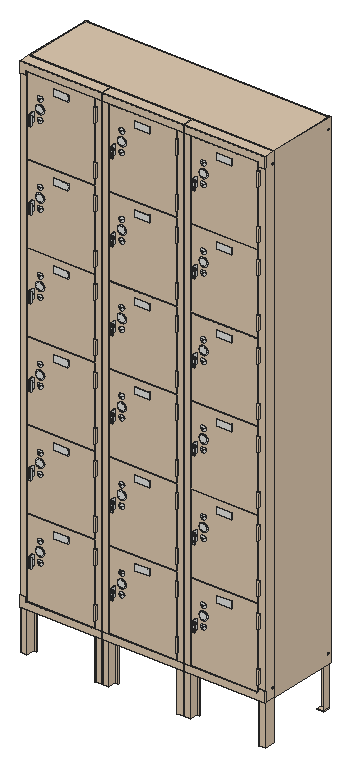
Revit family "Metal_Vented_Lockers-Salsbury_Industries-75000_76000_Series-3_Wide_Units", category Specialty Equipment, Revit 2024 (continued)
Definition of nested family "Metal Locker Sloping Hood"
  Automatic sketch dimensions
    curve 2 to plane 9 "Back of Panel" = 0.000"
    plane 11 to curve 2 = 0.000"
    curve 2 to plane 11 = 0.000"
    curve 2 to level = 0.0069"
Definition of nested family "Vents"
  Parameters (values of type "6 foot high vents")
    Vent Count for 6' high Lockers = 36
    Default Elevation = 0.000"
  Types (3): name | Vent Count for 6' high Lockers
    (no name) | 36
    6 foot high vents | 36
    5 foot high vents | 29
  Reference planes (in)
    plane 1 "Center (Front/Back)": y = 0
    plane 2: z = 0
    plane 3 "Center (Left/Right)": x = 0
  Lines and regions (in)
    model lines
      curve 1: spline (-0.12218, 0, 66.35929) -> (-0.10447, 0, 66.33016) -> (-0.08514, 0, 66.30573) -> (-0.06447, 0, 66.28637) -> (-0.04279, 0, 66.27239) -> (-0.02043, 0, 66.26399) -> (0.00227, 0, 66.26132) -> (0.02496, 0, 66.2644) -> (0.04728, 0, 66.27319) -> (0.0689, 0, 66.28755) -> (0.08949, 0, 66.30727) -> (0.10872, 0, 66.33205) -> (0.1263, 0, 66.36149)
      curve 2: line (-0.12218, 0, 66.35929) -> (-0.3738, 0, 67.01138)
      curve 3: line (0.1263, 0, 66.36149) -> (0.37669, 0, 67.01065)
      curve 4: spline (-0.12232, 0, 67.66311) -> (-0.1046, 0, 67.6924) -> (-0.08525, 0, 67.71698) -> (-0.06455, 0, 67.73644) -> (-0.04284, 0, 67.7505) -> (-0.02044, 0, 67.75894) -> (0.00229, 0, 67.76163) -> (0.02501, 0, 67.75853) -> (0.04737, 0, 67.74968) -> (0.06902, 0, 67.73522) -> (0.08963, 0, 67.71538) -> (0.10888, 0, 67.69045) -> (0.12647, 0, 67.66083)
      curve 5: line (-0.12232, 0, 67.66311) -> (-0.3738, 0, 67.01138)
      curve 6: line (0.12647, 0, 67.66083) -> (0.37669, 0, 67.01065)
      curve 7: spline (-0.12218, 0, 64.62229) -> (-0.10447, 0, 64.59316) -> (-0.08514, 0, 64.56873) -> (-0.06447, 0, 64.54937) -> (-0.04279, 0, 64.53539) -> (-0.02043, 0, 64.52699) -> (0.00227, 0, 64.52432) -> (0.02496, 0, 64.5274) -> (0.04728, 0, 64.53619) -> (0.0689, 0, 64.55055) -> (0.08949, 0, 64.57027) -> (0.10872, 0, 64.59505) -> (0.1263, 0, 64.62449)
      curve 8: line (-0.12218, 0, 64.62229) -> (-0.3738, 0, 65.27438)
      curve 9: line (0.1263, 0, 64.62449) -> (0.37669, 0, 65.27365)
      curve 10: spline (-0.12232, 0, 65.92611) -> (-0.1046, 0, 65.9554) -> (-0.08525, 0, 65.97998) -> (-0.06455, 0, 65.99944) -> (-0.04284, 0, 66.0135) -> (-0.02044, 0, 66.02194) -> (0.00229, 0, 66.02463) -> (0.02501, 0, 66.02153) -> (0.04737, 0, 66.01268) -> (0.06902, 0, 65.99822) -> (0.08963, 0, 65.97838) -> (0.10888, 0, 65.95345) -> (0.12647, 0, 65.92383)
      curve 11: line (-0.12232, 0, 65.92611) -> (-0.3738, 0, 65.27438)
      curve 12: line (0.12647, 0, 65.92383) -> (0.37669, 0, 65.27365)
      curve 13: spline (-0.12218, 0, 62.88529) -> (-0.10447, 0, 62.85616) -> (-0.08514, 0, 62.83173) -> (-0.06447, 0, 62.81237) -> (-0.04279, 0, 62.79839) -> (-0.02043, 0, 62.78999) -> (0.00227, 0, 62.78732) -> (0.02496, 0, 62.7904) -> (0.04728, 0, 62.79919) -> (0.0689, 0, 62.81355) -> (0.08949, 0, 62.83327) -> (0.10872, 0, 62.85805) -> (0.1263, 0, 62.88749)
      curve 14: line (-0.12218, 0, 62.88529) -> (-0.3738, 0, 63.53738)
      curve 15: line (0.1263, 0, 62.88749) -> (0.37669, 0, 63.53665)
      curve 16: spline (-0.12232, 0, 64.18911) -> (-0.1046, 0, 64.2184) -> (-0.08525, 0, 64.24298) -> (-0.06455, 0, 64.26244) -> (-0.04284, 0, 64.2765) -> (-0.02044, 0, 64.28494) -> (0.00229, 0, 64.28763) -> (0.02501, 0, 64.28453) -> (0.04737, 0, 64.27568) -> (0.06902, 0, 64.26122) -> (0.08963, 0, 64.24138) -> (0.10888, 0, 64.21645) -> (0.12647, 0, 64.18683)
      curve 17: line (-0.12232, 0, 64.18911) -> (-0.3738, 0, 63.53738)
      curve 18: line (0.12647, 0, 64.18683) -> (0.37669, 0, 63.53665)
      curve 19: spline (-0.12218, 0, 61.14829) -> (-0.10447, 0, 61.11916) -> (-0.08514, 0, 61.09473) -> (-0.06447, 0, 61.07537) -> (-0.04279, 0, 61.06139) -> (-0.02043, 0, 61.05299) -> (0.00227, 0, 61.05032) -> (0.02496, 0, 61.0534) -> (0.04728, 0, 61.06219) -> (0.0689, 0, 61.07655) -> (0.08949, 0, 61.09627) -> (0.10872, 0, 61.12105) -> (0.1263, 0, 61.15049)
      curve 20: line (-0.12218, 0, 61.14829) -> (-0.3738, 0, 61.80038)
      curve 21: line (0.1263, 0, 61.15049) -> (0.37669, 0, 61.79965)
      curve 22: spline (-0.12232, 0, 62.45211) -> (-0.1046, 0, 62.4814) -> (-0.08525, 0, 62.50598) -> (-0.06455, 0, 62.52544) -> (-0.04284, 0, 62.5395) -> (-0.02044, 0, 62.54794) -> (0.00229, 0, 62.55063) -> (0.02501, 0, 62.54753) -> (0.04737, 0, 62.53868) -> (0.06902, 0, 62.52422) -> (0.08963, 0, 62.50438) -> (0.10888, 0, 62.47945) -> (0.12647, 0, 62.44983)
      curve 23: line (-0.12232, 0, 62.45211) -> (-0.3738, 0, 61.80038)
      curve 24: line (0.12647, 0, 62.44983) -> (0.37669, 0, 61.79965)
      curve 25: spline (-0.12218, 0, 59.41129) -> (-0.10447, 0, 59.38216) -> (-0.08514, 0, 59.35773) -> (-0.06447, 0, 59.33837) -> (-0.04279, 0, 59.32439) -> (-0.02043, 0, 59.31599) -> (0.00227, 0, 59.31332) -> (0.02496, 0, 59.3164) -> (0.04728, 0, 59.32519) -> (0.0689, 0, 59.33955) -> (0.08949, 0, 59.35927) -> (0.10872, 0, 59.38405) -> (0.1263, 0, 59.41349)
      curve 26: line (-0.12218, 0, 59.41129) -> (-0.3738, 0, 60.06338)
      curve 27: line (0.1263, 0, 59.41349) -> (0.37669, 0, 60.06265)
      curve 28: spline (-0.12232, 0, 60.71511) -> (-0.1046, 0, 60.7444) -> (-0.08525, 0, 60.76898) -> (-0.06455, 0, 60.78844) -> (-0.04284, 0, 60.8025) -> (-0.02044, 0, 60.81094) -> (0.00229, 0, 60.81363) -> (0.02501, 0, 60.81053) -> (0.04737, 0, 60.80168) -> (0.06902, 0, 60.78722) -> (0.08963, 0, 60.76738) -> (0.10888, 0, 60.74245) -> (0.12647, 0, 60.71283)
      curve 29: line (-0.12232, 0, 60.71511) -> (-0.3738, 0, 60.06338)
      curve 30: line (0.12647, 0, 60.71283) -> (0.37669, 0, 60.06265)
      curve 31: spline (-0.12218, 0, 57.67429) -> (-0.10447, 0, 57.64516) -> (-0.08514, 0, 57.62073) -> (-0.06447, 0, 57.60137) -> (-0.04279, 0, 57.58739) -> (-0.02043, 0, 57.57899) -> (0.00227, 0, 57.57632) -> (0.02496, 0, 57.5794) -> (0.04728, 0, 57.58819) -> (0.0689, 0, 57.60255) -> (0.08949, 0, 57.62227) -> (0.10872, 0, 57.64705) -> (0.1263, 0, 57.67649)
      curve 32: line (-0.12218, 0, 57.67429) -> (-0.3738, 0, 58.32638)
      curve 33: line (0.1263, 0, 57.67649) -> (0.37669, 0, 58.32565)
      curve 34: spline (-0.12232, 0, 58.97811) -> (-0.1046, 0, 59.0074) -> (-0.08525, 0, 59.03198) -> (-0.06455, 0, 59.05144) -> (-0.04284, 0, 59.0655) -> (-0.02044, 0, 59.07394) -> (0.00229, 0, 59.07663) -> (0.02501, 0, 59.07353) -> (0.04737, 0, 59.06468) -> (0.06902, 0, 59.05022) -> (0.08963, 0, 59.03038) -> (0.10888, 0, 59.00545) -> (0.12647, 0, 58.97583)
      curve 35: line (-0.12232, 0, 58.97811) -> (-0.3738, 0, 58.32638)
      curve 36: line (0.12647, 0, 58.97583) -> (0.37669, 0, 58.32565)
      curve 37: spline (-0.12218, 0, 55.93729) -> (-0.10447, 0, 55.90816) -> (-0.08514, 0, 55.88373) -> (-0.06447, 0, 55.86437) -> (-0.04279, 0, 55.85039) -> (-0.02043, 0, 55.84199) -> (0.00227, 0, 55.83932) -> (0.02496, 0, 55.8424) -> (0.04728, 0, 55.85119) -> (0.0689, 0, 55.86555) -> (0.08949, 0, 55.88527) -> (0.10872, 0, 55.91005) -> (0.1263, 0, 55.93949)
      curve 38: line (-0.12218, 0, 55.93729) -> (-0.3738, 0, 56.58938)
      curve 39: line (0.1263, 0, 55.93949) -> (0.37669, 0, 56.58865)
      curve 40: spline (-0.12232, 0, 57.24111) -> (-0.1046, 0, 57.2704) -> (-0.08525, 0, 57.29498) -> (-0.06455, 0, 57.31444) -> (-0.04284, 0, 57.3285) -> (-0.02044, 0, 57.33694) -> (0.00229, 0, 57.33963) -> (0.02501, 0, 57.33653) -> (0.04737, 0, 57.32768) -> (0.06902, 0, 57.31322) -> (0.08963, 0, 57.29338) -> (0.10888, 0, 57.26845) -> (0.12647, 0, 57.23883)
      curve 41: line (-0.12232, 0, 57.24111) -> (-0.3738, 0, 56.58938)
      curve 42: line (0.12647, 0, 57.23883) -> (0.37669, 0, 56.58865)
      curve 43: spline (-0.12218, 0, 54.20029) -> (-0.10447, 0, 54.17116) -> (-0.08514, 0, 54.14673) -> (-0.06447, 0, 54.12737) -> (-0.04279, 0, 54.11339) -> (-0.02043, 0, 54.10499) -> (0.00227, 0, 54.10232) -> (0.02496, 0, 54.1054) -> (0.04728, 0, 54.11419) -> (0.0689, 0, 54.12855) -> (0.08949, 0, 54.14827) -> (0.10872, 0, 54.17305) -> (0.1263, 0, 54.20249)
      curve 44: line (-0.12218, 0, 54.20029) -> (-0.3738, 0, 54.85238)
      curve 45: line (0.1263, 0, 54.20249) -> (0.37669, 0, 54.85165)
      curve 46: spline (-0.12232, 0, 55.50411) -> (-0.1046, 0, 55.5334) -> (-0.08525, 0, 55.55798) -> (-0.06455, 0, 55.57744) -> (-0.04284, 0, 55.5915) -> (-0.02044, 0, 55.59994) -> (0.00229, 0, 55.60263) -> (0.02501, 0, 55.59953) -> (0.04737, 0, 55.59068) -> (0.06902, 0, 55.57622) -> (0.08963, 0, 55.55638) -> (0.10888, 0, 55.53145) -> (0.12647, 0, 55.50183)
      curve 47: line (-0.12232, 0, 55.50411) -> (-0.3738, 0, 54.85238)
      curve 48: line (0.12647, 0, 55.50183) -> (0.37669, 0, 54.85165)
      curve 49: spline (-0.12218, 0, 52.46329) -> (-0.10447, 0, 52.43416) -> (-0.08514, 0, 52.40973) -> (-0.06447, 0, 52.39037) -> (-0.04279, 0, 52.37639) -> (-0.02043, 0, 52.36799) -> (0.00227, 0, 52.36532) -> (0.02496, 0, 52.3684) -> (0.04728, 0, 52.37719) -> (0.0689, 0, 52.39155) -> (0.08949, 0, 52.41127) -> (0.10872, 0, 52.43605) -> (0.1263, 0, 52.46549)
      curve 50: line (-0.12218, 0, 52.46329) -> (-0.3738, 0, 53.11538)
      curve 51: line (0.1263, 0, 52.46549) -> (0.37669, 0, 53.11465)
      curve 52: spline (-0.12232, 0, 53.76711) -> (-0.1046, 0, 53.7964) -> (-0.08525, 0, 53.82098) -> (-0.06455, 0, 53.84044) -> (-0.04284, 0, 53.8545) -> (-0.02044, 0, 53.86294) -> (0.00229, 0, 53.86563) -> (0.02501, 0, 53.86253) -> (0.04737, 0, 53.85368) -> (0.06902, 0, 53.83922) -> (0.08963, 0, 53.81938) -> (0.10888, 0, 53.79445) -> (0.12647, 0, 53.76483)
      curve 53: line (-0.12232, 0, 53.76711) -> (-0.3738, 0, 53.11538)
      curve 54: line (0.12647, 0, 53.76483) -> (0.37669, 0, 53.11465)
      curve 55: spline (-0.12218, 0, 50.72629) -> (-0.10447, 0, 50.69716) -> (-0.08514, 0, 50.67273) -> (-0.06447, 0, 50.65337) -> (-0.04279, 0, 50.63939) -> (-0.02043, 0, 50.63099) -> (0.00227, 0, 50.62832) -> (0.02496, 0, 50.6314) -> (0.04728, 0, 50.64019) -> (0.0689, 0, 50.65455) -> (0.08949, 0, 50.67427) -> (0.10872, 0, 50.69905) -> (0.1263, 0, 50.72849)
      curve 56: line (-0.12218, 0, 50.72629) -> (-0.3738, 0, 51.37838)
      curve 57: line (0.1263, 0, 50.72849) -> (0.37669, 0, 51.37765)
      curve 58: spline (-0.12232, 0, 52.03011) -> (-0.1046, 0, 52.0594) -> (-0.08525, 0, 52.08398) -> (-0.06455, 0, 52.10344) -> (-0.04284, 0, 52.1175) -> (-0.02044, 0, 52.12594) -> (0.00229, 0, 52.12863) -> (0.02501, 0, 52.12553) -> (0.04737, 0, 52.11668) -> (0.06902, 0, 52.10222) -> (0.08963, 0, 52.08238) -> (0.10888, 0, 52.05745) -> (0.12647, 0, 52.02783)
      curve 59: line (-0.12232, 0, 52.03011) -> (-0.3738, 0, 51.37838)
      curve 60: line (0.12647, 0, 52.02783) -> (0.37669, 0, 51.37765)
      curve 61: spline (-0.12218, 0, 48.98929) -> (-0.10447, 0, 48.96016) -> (-0.08514, 0, 48.93573) -> (-0.06447, 0, 48.91637) -> (-0.04279, 0, 48.90239) -> (-0.02043, 0, 48.89399) -> (0.00227, 0, 48.89132) -> (0.02496, 0, 48.8944) -> (0.04728, 0, 48.90319) -> (0.0689, 0, 48.91755) -> (0.08949, 0, 48.93727) -> (0.10872, 0, 48.96205) -> (0.1263, 0, 48.99149)
      curve 62: line (-0.12218, 0, 48.98929) -> (-0.3738, 0, 49.64138)
      curve 63: line (0.1263, 0, 48.99149) -> (0.37669, 0, 49.64065)
      curve 64: spline (-0.12232, 0, 50.29311) -> (-0.1046, 0, 50.3224) -> (-0.08525, 0, 50.34698) -> (-0.06455, 0, 50.36644) -> (-0.04284, 0, 50.3805) -> (-0.02044, 0, 50.38894) -> (0.00229, 0, 50.39163) -> (0.02501, 0, 50.38853) -> (0.04737, 0, 50.37968) -> (0.06902, 0, 50.36522) -> (0.08963, 0, 50.34538) -> (0.10888, 0, 50.32045) -> (0.12647, 0, 50.29083)
      curve 65: line (-0.12232, 0, 50.29311) -> (-0.3738, 0, 49.64138)
      curve 66: line (0.12647, 0, 50.29083) -> (0.37669, 0, 49.64065)
      curve 67: spline (-0.12218, 0, 47.25229) -> (-0.10447, 0, 47.22316) -> (-0.08514, 0, 47.19873) -> (-0.06447, 0, 47.17937) -> (-0.04279, 0, 47.16539) -> (-0.02043, 0, 47.15699) -> (0.00227, 0, 47.15432) -> (0.02496, 0, 47.1574) -> (0.04728, 0, 47.16619) -> (0.0689, 0, 47.18055) -> (0.08949, 0, 47.20027) -> (0.10872, 0, 47.22505) -> (0.1263, 0, 47.25449)
      curve 68: line (-0.12218, 0, 47.25229) -> (-0.3738, 0, 47.90438)
      curve 69: line (0.1263, 0, 47.25449) -> (0.37669, 0, 47.90365)
      curve 70: spline (-0.12232, 0, 48.55611) -> (-0.1046, 0, 48.5854) -> (-0.08525, 0, 48.60998) -> (-0.06455, 0, 48.62944) -> (-0.04284, 0, 48.6435) -> (-0.02044, 0, 48.65194) -> (0.00229, 0, 48.65463) -> (0.02501, 0, 48.65153) -> (0.04737, 0, 48.64268) -> (0.06902, 0, 48.62822) -> (0.08963, 0, 48.60838) -> (0.10888, 0, 48.58345) -> (0.12647, 0, 48.55383)
      curve 71: line (-0.12232, 0, 48.55611) -> (-0.3738, 0, 47.90438)
      curve 72: line (0.12647, 0, 48.55383) -> (0.37669, 0, 47.90365)
      curve 73: spline (-0.12218, 0, 45.51529) -> (-0.10447, 0, 45.48616) -> (-0.08514, 0, 45.46173) -> (-0.06447, 0, 45.44237) -> (-0.04279, 0, 45.42839) -> (-0.02043, 0, 45.41999) -> (0.00227, 0, 45.41732) -> (0.02496, 0, 45.4204) -> (0.04728, 0, 45.42919) -> (0.0689, 0, 45.44355) -> (0.08949, 0, 45.46327) -> (0.10872, 0, 45.48805) -> (0.1263, 0, 45.51749)
      curve 74: line (-0.12218, 0, 45.51529) -> (-0.3738, 0, 46.16738)
      curve 75: line (0.1263, 0, 45.51749) -> (0.37669, 0, 46.16665)
      curve 76: spline (-0.12232, 0, 46.81911) -> (-0.1046, 0, 46.8484) -> (-0.08525, 0, 46.87298) -> (-0.06455, 0, 46.89244) -> (-0.04284, 0, 46.9065) -> (-0.02044, 0, 46.91494) -> (0.00229, 0, 46.91763) -> (0.02501, 0, 46.91453) -> (0.04737, 0, 46.90568) -> (0.06902, 0, 46.89122) -> (0.08963, 0, 46.87138) -> (0.10888, 0, 46.84645) -> (0.12647, 0, 46.81683)
      curve 77: line (-0.12232, 0, 46.81911) -> (-0.3738, 0, 46.16738)
      curve 78: line (0.12647, 0, 46.81683) -> (0.37669, 0, 46.16665)
      curve 79: spline (-0.12218, 0, 43.77829) -> (-0.10447, 0, 43.74916) -> (-0.08514, 0, 43.72473) -> (-0.06447, 0, 43.70537) -> (-0.04279, 0, 43.69139) -> (-0.02043, 0, 43.68299) -> (0.00227, 0, 43.68032) -> (0.02496, 0, 43.6834) -> (0.04728, 0, 43.69219) -> (0.0689, 0, 43.70655) -> (0.08949, 0, 43.72627) -> (0.10872, 0, 43.75105) -> (0.1263, 0, 43.78049)
      curve 80: line (-0.12218, 0, 43.77829) -> (-0.3738, 0, 44.43038)
      curve 81: line (0.1263, 0, 43.78049) -> (0.37669, 0, 44.42965)
      curve 82: spline (-0.12232, 0, 45.08211) -> (-0.1046, 0, 45.1114) -> (-0.08525, 0, 45.13598) -> (-0.06455, 0, 45.15544) -> (-0.04284, 0, 45.1695) -> (-0.02044, 0, 45.17794) -> (0.00229, 0, 45.18063) -> (0.02501, 0, 45.17753) -> (0.04737, 0, 45.16868) -> (0.06902, 0, 45.15422) -> (0.08963, 0, 45.13438) -> (0.10888, 0, 45.10945) -> (0.12647, 0, 45.07983)
      curve 83: line (-0.12232, 0, 45.08211) -> (-0.3738, 0, 44.43038)
      curve 84: line (0.12647, 0, 45.07983) -> (0.37669, 0, 44.42965)
      curve 85: spline (-0.12218, 0, 42.04129) -> (-0.10447, 0, 42.01216) -> (-0.08514, 0, 41.98773) -> (-0.06447, 0, 41.96837) -> (-0.04279, 0, 41.95439) -> (-0.02043, 0, 41.94599) -> (0.00227, 0, 41.94332) -> (0.02496, 0, 41.9464) -> (0.04728, 0, 41.95519) -> (0.0689, 0, 41.96955) -> (0.08949, 0, 41.98927) -> (0.10872, 0, 42.01405) -> (0.1263, 0, 42.04349)
      curve 86: line (-0.12218, 0, 42.04129) -> (-0.3738, 0, 42.69338)
      curve 87: line (0.1263, 0, 42.04349) -> (0.37669, 0, 42.69265)
      curve 88: spline (-0.12232, 0, 43.34511) -> (-0.1046, 0, 43.3744) -> (-0.08525, 0, 43.39898) -> (-0.06455, 0, 43.41844) -> (-0.04284, 0, 43.4325) -> (-0.02044, 0, 43.44094) -> (0.00229, 0, 43.44363) -> (0.02501, 0, 43.44053) -> (0.04737, 0, 43.43168) -> (0.06902, 0, 43.41722) -> (0.08963, 0, 43.39738) -> (0.10888, 0, 43.37245) -> (0.12647, 0, 43.34283)
      curve 89: line (-0.12232, 0, 43.34511) -> (-0.3738, 0, 42.69338)
      curve 90: line (0.12647, 0, 43.34283) -> (0.37669, 0, 42.69265)
      curve 91: spline (-0.12218, 0, 40.30429) -> (-0.10447, 0, 40.27516) -> (-0.08514, 0, 40.25073) -> (-0.06447, 0, 40.23137) -> (-0.04279, 0, 40.21739) -> (-0.02043, 0, 40.20899) -> (0.00227, 0, 40.20632) -> (0.02496, 0, 40.2094) -> (0.04728, 0, 40.21819) -> (0.0689, 0, 40.23255) -> (0.08949, 0, 40.25227) -> (0.10872, 0, 40.27705) -> (0.1263, 0, 40.30649)
      curve 92: line (-0.12218, 0, 40.30429) -> (-0.3738, 0, 40.95638)
      curve 93: line (0.1263, 0, 40.30649) -> (0.37669, 0, 40.95565)
      curve 94: spline (-0.12232, 0, 41.60811) -> (-0.1046, 0, 41.6374) -> (-0.08525, 0, 41.66198) -> (-0.06455, 0, 41.68144) -> (-0.04284, 0, 41.6955) -> (-0.02044, 0, 41.70394) -> (0.00229, 0, 41.70663) -> (0.02501, 0, 41.70353) -> (0.04737, 0, 41.69468) -> (0.06902, 0, 41.68022) -> (0.08963, 0, 41.66038) -> (0.10888, 0, 41.63545) -> (0.12647, 0, 41.60583)
      curve 95: line (-0.12232, 0, 41.60811) -> (-0.3738, 0, 40.95638)
      curve 96: line (0.12647, 0, 41.60583) -> (0.37669, 0, 40.95565)
      curve 97: spline (-0.12218, 0, 38.56729) -> (-0.10447, 0, 38.53816) -> (-0.08514, 0, 38.51373) -> (-0.06447, 0, 38.49437) -> (-0.04279, 0, 38.48039) -> (-0.02043, 0, 38.47199) -> (0.00227, 0, 38.46932) -> (0.02496, 0, 38.4724) -> (0.04728, 0, 38.48119) -> (0.0689, 0, 38.49555) -> (0.08949, 0, 38.51527) -> (0.10872, 0, 38.54005) -> (0.1263, 0, 38.56949)
      curve 98: line (-0.12218, 0, 38.56729) -> (-0.3738, 0, 39.21938)
      curve 99: line (0.1263, 0, 38.56949) -> (0.37669, 0, 39.21865)
      curve 100: spline (-0.12232, 0, 39.87111) -> (-0.1046, 0, 39.9004) -> (-0.08525, 0, 39.92498) -> (-0.06455, 0, 39.94444) -> (-0.04284, 0, 39.9585) -> (-0.02044, 0, 39.96694) -> (0.00229, 0, 39.96963) -> (0.02501, 0, 39.96653) -> (0.04737, 0, 39.95768) -> (0.06902, 0, 39.94322) -> (0.08963, 0, 39.92338) -> (0.10888, 0, 39.89845) -> (0.12647, 0, 39.86883)
      curve 101: line (-0.12232, 0, 39.87111) -> (-0.3738, 0, 39.21938)
      curve 102: line (0.12647, 0, 39.86883) -> (0.37669, 0, 39.21865)
      curve 103: spline (-0.12218, 0, 36.83029) -> (-0.10447, 0, 36.80116) -> (-0.08514, 0, 36.77673) -> (-0.06447, 0, 36.75737) -> (-0.04279, 0, 36.74339) -> (-0.02043, 0, 36.73499) -> (0.00227, 0, 36.73232) -> (0.02496, 0, 36.7354) -> (0.04728, 0, 36.74419) -> (0.0689, 0, 36.75855) -> (0.08949, 0, 36.77827) -> (0.10872, 0, 36.80305) -> (0.1263, 0, 36.83249)
      curve 104: line (-0.12218, 0, 36.83029) -> (-0.3738, 0, 37.48238)
      curve 105: line (0.1263, 0, 36.83249) -> (0.37669, 0, 37.48165)
      curve 106: spline (-0.12232, 0, 38.13411) -> (-0.1046, 0, 38.1634) -> (-0.08525, 0, 38.18798) -> (-0.06455, 0, 38.20744) -> (-0.04284, 0, 38.2215) -> (-0.02044, 0, 38.22994) -> (0.00229, 0, 38.23263) -> (0.02501, 0, 38.22953) -> (0.04737, 0, 38.22068) -> (0.06902, 0, 38.20622) -> (0.08963, 0, 38.18638) -> (0.10888, 0, 38.16145) -> (0.12647, 0, 38.13183)
      curve 107: line (-0.12232, 0, 38.13411) -> (-0.3738, 0, 37.48238)
      curve 108: line (0.12647, 0, 38.13183) -> (0.37669, 0, 37.48165)
      curve 109: spline (-0.12218, 0, 35.09329) -> (-0.10447, 0, 35.06416) -> (-0.08514, 0, 35.03973) -> (-0.06447, 0, 35.02037) -> (-0.04279, 0, 35.00639) -> (-0.02043, 0, 34.99799) -> (0.00227, 0, 34.99532) -> (0.02496, 0, 34.9984) -> (0.04728, 0, 35.00719) -> (0.0689, 0, 35.02155) -> (0.08949, 0, 35.04127) -> (0.10872, 0, 35.06605) -> (0.1263, 0, 35.09549)
      curve 110: line (-0.12218, 0, 35.09329) -> (-0.3738, 0, 35.74538)
      curve 111: line (0.1263, 0, 35.09549) -> (0.37669, 0, 35.74465)
      curve 112: spline (-0.12232, 0, 36.39711) -> (-0.1046, 0, 36.4264) -> (-0.08525, 0, 36.45098) -> (-0.06455, 0, 36.47044) -> (-0.04284, 0, 36.4845) -> (-0.02044, 0, 36.49294) -> (0.00229, 0, 36.49563) -> (0.02501, 0, 36.49253) -> (0.04737, 0, 36.48368) -> (0.06902, 0, 36.46922) -> (0.08963, 0, 36.44938) -> (0.10888, 0, 36.42445) -> (0.12647, 0, 36.39483)
      curve 113: line (-0.12232, 0, 36.39711) -> (-0.3738, 0, 35.74538)
      curve 114: line (0.12647, 0, 36.39483) -> (0.37669, 0, 35.74465)
      curve 115: spline (-0.12218, 0, 33.35629) -> (-0.10447, 0, 33.32716) -> (-0.08514, 0, 33.30273) -> (-0.06447, 0, 33.28337) -> (-0.04279, 0, 33.26939) -> (-0.02043, 0, 33.26099) -> (0.00227, 0, 33.25832) -> (0.02496, 0, 33.2614) -> (0.04728, 0, 33.27019) -> (0.0689, 0, 33.28455) -> (0.08949, 0, 33.30427) -> (0.10872, 0, 33.32905) -> (0.1263, 0, 33.35849)
      curve 116: line (-0.12218, 0, 33.35629) -> (-0.3738, 0, 34.00838)
      curve 117: line (0.1263, 0, 33.35849) -> (0.37669, 0, 34.00765)
      curve 118: spline (-0.12232, 0, 34.66011) -> (-0.1046, 0, 34.6894) -> (-0.08525, 0, 34.71398) -> (-0.06455, 0, 34.73344) -> (-0.04284, 0, 34.7475) -> (-0.02044, 0, 34.75594) -> (0.00229, 0, 34.75863) -> (0.02501, 0, 34.75553) -> (0.04737, 0, 34.74668) -> (0.06902, 0, 34.73222) -> (0.08963, 0, 34.71238) -> (0.10888, 0, 34.68745) -> (0.12647, 0, 34.65783)
      curve 119: line (-0.12232, 0, 34.66011) -> (-0.3738, 0, 34.00838)
      curve 120: line (0.12647, 0, 34.65783) -> (0.37669, 0, 34.00765)
      curve 121: spline (-0.12218, 0, 31.61929) -> (-0.10447, 0, 31.59016) -> (-0.08514, 0, 31.56573) -> (-0.06447, 0, 31.54637) -> (-0.04279, 0, 31.53239) -> (-0.02043, 0, 31.52399) -> (0.00227, 0, 31.52132) -> (0.02496, 0, 31.5244) -> (0.04728, 0, 31.53319) -> (0.0689, 0, 31.54755) -> (0.08949, 0, 31.56727) -> (0.10872, 0, 31.59205) -> (0.1263, 0, 31.62149)
      curve 122: line (-0.12218, 0, 31.61929) -> (-0.3738, 0, 32.27138)
      curve 123: line (0.1263, 0, 31.62149) -> (0.37669, 0, 32.27065)
      curve 124: spline (-0.12232, 0, 32.92311) -> (-0.1046, 0, 32.9524) -> (-0.08525, 0, 32.97698) -> (-0.06455, 0, 32.99644) -> (-0.04284, 0, 33.0105) -> (-0.02044, 0, 33.01894) -> (0.00229, 0, 33.02163) -> (0.02501, 0, 33.01853) -> (0.04737, 0, 33.00968) -> (0.06902, 0, 32.99522) -> (0.08963, 0, 32.97538) -> (0.10888, 0, 32.95045) -> (0.12647, 0, 32.92083)
      curve 125: line (-0.12232, 0, 32.92311) -> (-0.3738, 0, 32.27138)
      curve 126: line (0.12647, 0, 32.92083) -> (0.37669, 0, 32.27065)
      curve 127: spline (-0.12218, 0, 29.88229) -> (-0.10447, 0, 29.85316) -> (-0.08514, 0, 29.82873) -> (-0.06447, 0, 29.80937) -> (-0.04279, 0, 29.79539) -> (-0.02043, 0, 29.78699) -> (0.00227, 0, 29.78432) -> (0.02496, 0, 29.7874) -> (0.04728, 0, 29.79619) -> (0.0689, 0, 29.81055) -> (0.08949, 0, 29.83027) -> (0.10872, 0, 29.85505) -> (0.1263, 0, 29.88449)
      curve 128: line (-0.12218, 0, 29.88229) -> (-0.3738, 0, 30.53438)
      curve 129: line (0.1263, 0, 29.88449) -> (0.37669, 0, 30.53365)
      curve 130: spline (-0.12232, 0, 31.18611) -> (-0.1046, 0, 31.2154) -> (-0.08525, 0, 31.23998) -> (-0.06455, 0, 31.25944) -> (-0.04284, 0, 31.2735) -> (-0.02044, 0, 31.28194) -> (0.00229, 0, 31.28463) -> (0.02501, 0, 31.28153) -> (0.04737, 0, 31.27268) -> (0.06902, 0, 31.25822) -> (0.08963, 0, 31.23838) -> (0.10888, 0, 31.21345) -> (0.12647, 0, 31.18383)
      curve 131: line (-0.12232, 0, 31.18611) -> (-0.3738, 0, 30.53438)
      curve 132: line (0.12647, 0, 31.18383) -> (0.37669, 0, 30.53365)
      curve 133: spline (-0.12218, 0, 28.14529) -> (-0.10447, 0, 28.11616) -> (-0.08514, 0, 28.09173) -> (-0.06447, 0, 28.07237) -> (-0.04279, 0, 28.05839) -> (-0.02043, 0, 28.04999) -> (0.00227, 0, 28.04732) -> (0.02496, 0, 28.0504) -> (0.04728, 0, 28.05919) -> (0.0689, 0, 28.07355) -> (0.08949, 0, 28.09327) -> (0.10872, 0, 28.11805) -> (0.1263, 0, 28.14749)
      curve 134: line (-0.12218, 0, 28.14529) -> (-0.3738, 0, 28.79738)
      curve 135: line (0.1263, 0, 28.14749) -> (0.37669, 0, 28.79665)
      curve 136: spline (-0.12232, 0, 29.44911) -> (-0.1046, 0, 29.4784) -> (-0.08525, 0, 29.50298) -> (-0.06455, 0, 29.52244) -> (-0.04284, 0, 29.5365) -> (-0.02044, 0, 29.54494) -> (0.00229, 0, 29.54763) -> (0.02501, 0, 29.54453) -> (0.04737, 0, 29.53568) -> (0.06902, 0, 29.52122) -> (0.08963, 0, 29.50138) -> (0.10888, 0, 29.47645) -> (0.12647, 0, 29.44683)
      curve 137: line (-0.12232, 0, 29.44911) -> (-0.3738, 0, 28.79738)
      curve 138: line (0.12647, 0, 29.44683) -> (0.37669, 0, 28.79665)
      curve 139: spline (-0.12218, 0, 26.40829) -> (-0.10447, 0, 26.37916) -> (-0.08514, 0, 26.35473) -> (-0.06447, 0, 26.33537) -> (-0.04279, 0, 26.32139) -> (-0.02043, 0, 26.31299) -> (0.00227, 0, 26.31032) -> (0.02496, 0, 26.3134) -> (0.04728, 0, 26.32219) -> (0.0689, 0, 26.33655) -> (0.08949, 0, 26.35627) -> (0.10872, 0, 26.38105) -> (0.1263, 0, 26.41049)
      curve 140: line (-0.12218, 0, 26.40829) -> (-0.3738, 0, 27.06038)
      curve 141: line (0.1263, 0, 26.41049) -> (0.37669, 0, 27.05965)
      curve 142: spline (-0.12232, 0, 27.71211) -> (-0.1046, 0, 27.7414) -> (-0.08525, 0, 27.76598) -> (-0.06455, 0, 27.78544) -> (-0.04284, 0, 27.7995) -> (-0.02044, 0, 27.80794) -> (0.00229, 0, 27.81063) -> (0.02501, 0, 27.80753) -> (0.04737, 0, 27.79868) -> (0.06902, 0, 27.78422) -> (0.08963, 0, 27.76438) -> (0.10888, 0, 27.73945) -> (0.12647, 0, 27.70983)
      curve 143: line (-0.12232, 0, 27.71211) -> (-0.3738, 0, 27.06038)
      curve 144: line (0.12647, 0, 27.70983) -> (0.37669, 0, 27.05965)
      curve 145: spline (-0.12218, 0, 24.67129) -> (-0.10447, 0, 24.64216) -> (-0.08514, 0, 24.61773) -> (-0.06447, 0, 24.59837) -> (-0.04279, 0, 24.58439) -> (-0.02043, 0, 24.57599) -> (0.00227, 0, 24.57332) -> (0.02496, 0, 24.5764) -> (0.04728, 0, 24.58519) -> (0.0689, 0, 24.59955) -> (0.08949, 0, 24.61927) -> (0.10872, 0, 24.64405) -> (0.1263, 0, 24.67349)
      curve 146: line (-0.12218, 0, 24.67129) -> (-0.3738, 0, 25.32338)
      curve 147: line (0.1263, 0, 24.67349) -> (0.37669, 0, 25.32265)
      curve 148: spline (-0.12232, 0, 25.97511) -> (-0.1046, 0, 26.0044) -> (-0.08525, 0, 26.02898) -> (-0.06455, 0, 26.04844) -> (-0.04284, 0, 26.0625) -> (-0.02044, 0, 26.07094) -> (0.00229, 0, 26.07363) -> (0.02501, 0, 26.07053) -> (0.04737, 0, 26.06168) -> (0.06902, 0, 26.04722) -> (0.08963, 0, 26.02738) -> (0.10888, 0, 26.00245) -> (0.12647, 0, 25.97283)
      curve 149: line (-0.12232, 0, 25.97511) -> (-0.3738, 0, 25.32338)
      curve 150: line (0.12647, 0, 25.97283) -> (0.37669, 0, 25.32265)
      curve 151: spline (-0.12218, 0, 22.93429) -> (-0.10447, 0, 22.90516) -> (-0.08514, 0, 22.88073) -> (-0.06447, 0, 22.86137) -> (-0.04279, 0, 22.84739) -> (-0.02043, 0, 22.83899) -> (0.00227, 0, 22.83632) -> (0.02496, 0, 22.8394) -> (0.04728, 0, 22.84819) -> (0.0689, 0, 22.86255) -> (0.08949, 0, 22.88227) -> (0.10872, 0, 22.90705) -> (0.1263, 0, 22.93649)
      curve 152: line (-0.12218, 0, 22.93429) -> (-0.3738, 0, 23.58638)
      curve 153: line (0.1263, 0, 22.93649) -> (0.37669, 0, 23.58565)
      curve 154: spline (-0.12232, 0, 24.23811) -> (-0.1046, 0, 24.2674) -> (-0.08525, 0, 24.29198) -> (-0.06455, 0, 24.31144) -> (-0.04284, 0, 24.3255) -> (-0.02044, 0, 24.33394) -> (0.00229, 0, 24.33663) -> (0.02501, 0, 24.33353) -> (0.04737, 0, 24.32468) -> (0.06902, 0, 24.31022) -> (0.08963, 0, 24.29038) -> (0.10888, 0, 24.26545) -> (0.12647, 0, 24.23583)
      curve 155: line (-0.12232, 0, 24.23811) -> (-0.3738, 0, 23.58638)
      curve 156: line (0.12647, 0, 24.23583) -> (0.37669, 0, 23.58565)
      curve 157: spline (-0.12218, 0, 21.19729) -> (-0.10447, 0, 21.16816) -> (-0.08514, 0, 21.14373) -> (-0.06447, 0, 21.12437) -> (-0.04279, 0, 21.11039) -> (-0.02043, 0, 21.10199) -> (0.00227, 0, 21.09932) -> (0.02496, 0, 21.1024) -> (0.04728, 0, 21.11119) -> (0.0689, 0, 21.12555) -> (0.08949, 0, 21.14527) -> (0.10872, 0, 21.17005) -> (0.1263, 0, 21.19949)
      curve 158: line (-0.12218, 0, 21.19729) -> (-0.3738, 0, 21.84938)
      curve 159: line (0.1263, 0, 21.19949) -> (0.37669, 0, 21.84865)
      curve 160: spline (-0.12232, 0, 22.50111) -> (-0.1046, 0, 22.5304) -> (-0.08525, 0, 22.55498) -> (-0.06455, 0, 22.57444) -> (-0.04284, 0, 22.5885) -> (-0.02044, 0, 22.59694) -> (0.00229, 0, 22.59963) -> (0.02501, 0, 22.59653) -> (0.04737, 0, 22.58768) -> (0.06902, 0, 22.57322) -> (0.08963, 0, 22.55338) -> (0.10888, 0, 22.52845) -> (0.12647, 0, 22.49883)
      curve 161: line (-0.12232, 0, 22.50111) -> (-0.3738, 0, 21.84938)
      curve 162: line (0.12647, 0, 22.49883) -> (0.37669, 0, 21.84865)
      curve 163: spline (-0.12218, 0, 19.46029) -> (-0.10447, 0, 19.43116) -> (-0.08514, 0, 19.40673) -> (-0.06447, 0, 19.38737) -> (-0.04279, 0, 19.37339) -> (-0.02043, 0, 19.36499) -> (0.00227, 0, 19.36232) -> (0.02496, 0, 19.3654) -> (0.04728, 0, 19.37419) -> (0.0689, 0, 19.38855) -> (0.08949, 0, 19.40827) -> (0.10872, 0, 19.43305) -> (0.1263, 0, 19.46249)
      curve 164: line (-0.12218, 0, 19.46029) -> (-0.3738, 0, 20.11238)
      curve 165: line (0.1263, 0, 19.46249) -> (0.37669, 0, 20.11165)
      curve 166: spline (-0.12232, 0, 20.76411) -> (-0.1046, 0, 20.7934) -> (-0.08525, 0, 20.81798) -> (-0.06455, 0, 20.83744) -> (-0.04284, 0, 20.8515) -> (-0.02044, 0, 20.85994) -> (0.00229, 0, 20.86263) -> (0.02501, 0, 20.85953) -> (0.04737, 0, 20.85068) -> (0.06902, 0, 20.83622) -> (0.08963, 0, 20.81638) -> (0.10888, 0, 20.79145) -> (0.12647, 0, 20.76183)
      curve 167: line (-0.12232, 0, 20.76411) -> (-0.3738, 0, 20.11238)
      curve 168: line (0.12647, 0, 20.76183) -> (0.37669, 0, 20.11165)
      curve 197: spline (-0.12218, 0, 17.72329) -> (-0.10447, 0, 17.69416) -> (-0.08514, 0, 17.66973) -> (-0.06447, 0, 17.65037) -> (-0.04279, 0, 17.63639) -> (-0.02043, 0, 17.62799) -> (0.00227, 0, 17.62532) -> (0.02496, 0, 17.6284) -> (0.04728, 0, 17.63719) -> (0.0689, 0, 17.65155) -> (0.08949, 0, 17.67127) -> (0.10872, 0, 17.69605) -> (0.1263, 0, 17.72549)
      curve 198: line (-0.12218, 0, 17.72329) -> (-0.3738, 0, 18.37538)
      curve 199: line (0.1263, 0, 17.72549) -> (0.37669, 0, 18.37465)
      curve 200: spline (-0.12232, 0, 19.02711) -> (-0.1046, 0, 19.0564) -> (-0.08525, 0, 19.08098) -> (-0.06455, 0, 19.10044) -> (-0.04284, 0, 19.1145) -> (-0.02044, 0, 19.12294) -> (0.00229, 0, 19.12563) -> (0.02501, 0, 19.12253) -> (0.04737, 0, 19.11368) -> (0.06902, 0, 19.09922) -> (0.08963, 0, 19.07938) -> (0.10888, 0, 19.05445) -> (0.12647, 0, 19.02483)
      curve 201: line (-0.12232, 0, 19.02711) -> (-0.3738, 0, 18.37538)
      curve 202: line (0.12647, 0, 19.02483) -> (0.37669, 0, 18.37465)
      curve 204: spline (-0.12218, 0, 15.98629) -> (-0.10447, 0, 15.95716) -> (-0.08514, 0, 15.93273) -> (-0.06447, 0, 15.91337) -> (-0.04279, 0, 15.89939) -> (-0.02043, 0, 15.89099) -> (0.00227, 0, 15.88832) -> (0.02496, 0, 15.8914) -> (0.04728, 0, 15.90019) -> (0.0689, 0, 15.91455) -> (0.08949, 0, 15.93427) -> (0.10872, 0, 15.95905) -> (0.1263, 0, 15.98849)
      curve 205: line (-0.12218, 0, 15.98629) -> (-0.3738, 0, 16.63838)
      curve 206: line (0.1263, 0, 15.98849) -> (0.37669, 0, 16.63765)
      curve 207: spline (-0.12232, 0, 17.29011) -> (-0.1046, 0, 17.3194) -> (-0.08525, 0, 17.34398) -> (-0.06455, 0, 17.36344) -> (-0.04284, 0, 17.3775) -> (-0.02044, 0, 17.38594) -> (0.00229, 0, 17.38863) -> (0.02501, 0, 17.38553) -> (0.04737, 0, 17.37668) -> (0.06902, 0, 17.36222) -> (0.08963, 0, 17.34238) -> (0.10888, 0, 17.31745) -> (0.12647, 0, 17.28783)
      curve 208: line (-0.12232, 0, 17.29011) -> (-0.3738, 0, 16.63838)
      curve 209: line (0.12647, 0, 17.28783) -> (0.37669, 0, 16.63765)
      curve 211: spline (-0.12218, 0, 14.24929) -> (-0.10447, 0, 14.22016) -> (-0.08514, 0, 14.19573) -> (-0.06447, 0, 14.17637) -> (-0.04279, 0, 14.16239) -> (-0.02043, 0, 14.15399) -> (0.00227, 0, 14.15132) -> (0.02496, 0, 14.1544) -> (0.04728, 0, 14.16319) -> (0.0689, 0, 14.17755) -> (0.08949, 0, 14.19727) -> (0.10872, 0, 14.22205) -> (0.1263, 0, 14.25149)
      curve 212: line (-0.12218, 0, 14.24929) -> (-0.3738, 0, 14.90138)
      curve 213: line (0.1263, 0, 14.25149) -> (0.37669, 0, 14.90065)
      curve 214: spline (-0.12232, 0, 15.55311) -> (-0.1046, 0, 15.5824) -> (-0.08525, 0, 15.60698) -> (-0.06455, 0, 15.62644) -> (-0.04284, 0, 15.6405) -> (-0.02044, 0, 15.64894) -> (0.00229, 0, 15.65163) -> (0.02501, 0, 15.64853) -> (0.04737, 0, 15.63968) -> (0.06902, 0, 15.62522) -> (0.08963, 0, 15.60538) -> (0.10888, 0, 15.58045) -> (0.12647, 0, 15.55083)
      curve 215: line (-0.12232, 0, 15.55311) -> (-0.3738, 0, 14.90138)
      curve 216: line (0.12647, 0, 15.55083) -> (0.37669, 0, 14.90065)
      curve 218: spline (-0.12218, 0, 12.51229) -> (-0.10447, 0, 12.48316) -> (-0.08514, 0, 12.45873) -> (-0.06447, 0, 12.43937) -> (-0.04279, 0, 12.42539) -> (-0.02043, 0, 12.41699) -> (0.00227, 0, 12.41432) -> (0.02496, 0, 12.4174) -> (0.04728, 0, 12.42619) -> (0.0689, 0, 12.44055) -> (0.08949, 0, 12.46027) -> (0.10872, 0, 12.48505) -> (0.1263, 0, 12.51449)
      curve 219: line (-0.12218, 0, 12.51229) -> (-0.3738, 0, 13.16438)
      curve 220: line (0.1263, 0, 12.51449) -> (0.37669, 0, 13.16365)
      curve 221: spline (-0.12232, 0, 13.81611) -> (-0.1046, 0, 13.8454) -> (-0.08525, 0, 13.86998) -> (-0.06455, 0, 13.88944) -> (-0.04284, 0, 13.9035) -> (-0.02044, 0, 13.91194) -> (0.00229, 0, 13.91463) -> (0.02501, 0, 13.91153) -> (0.04737, 0, 13.90268) -> (0.06902, 0, 13.88822) -> (0.08963, 0, 13.86838) -> (0.10888, 0, 13.84345) -> (0.12647, 0, 13.81383)
      curve 222: line (-0.12232, 0, 13.81611) -> (-0.3738, 0, 13.16438)
      curve 223: line (0.12647, 0, 13.81383) -> (0.37669, 0, 13.16365)
      curve 225: spline (-0.12218, 0, 10.77529) -> (-0.10447, 0, 10.74616) -> (-0.08514, 0, 10.72173) -> (-0.06447, 0, 10.70237) -> (-0.04279, 0, 10.68839) -> (-0.02043, 0, 10.67999) -> (0.00227, 0, 10.67732) -> (0.02496, 0, 10.6804) -> (0.04728, 0, 10.68919) -> (0.0689, 0, 10.70355) -> (0.08949, 0, 10.72327) -> (0.10872, 0, 10.74805) -> (0.1263, 0, 10.77749)
      curve 226: line (-0.12218, 0, 10.77529) -> (-0.3738, 0, 11.42738)
      curve 227: line (0.1263, 0, 10.77749) -> (0.37669, 0, 11.42665)
      curve 228: spline (-0.12232, 0, 12.07911) -> (-0.1046, 0, 12.1084) -> (-0.08525, 0, 12.13298) -> (-0.06455, 0, 12.15244) -> (-0.04284, 0, 12.1665) -> (-0.02044, 0, 12.17494) -> (0.00229, 0, 12.17763) -> (0.02501, 0, 12.17453) -> (0.04737, 0, 12.16568) -> (0.06902, 0, 12.15122) -> (0.08963, 0, 12.13138) -> (0.10888, 0, 12.10645) -> (0.12647, 0, 12.07683)
      curve 229: line (-0.12232, 0, 12.07911) -> (-0.3738, 0, 11.42738)
      curve 230: line (0.12647, 0, 12.07683) -> (0.37669, 0, 11.42665)
      curve 232: spline (-0.12218, 0, 9.03829) -> (-0.10447, 0, 9.00916) -> (-0.08514, 0, 8.98473) -> (-0.06447, 0, 8.96537) -> (-0.04279, 0, 8.95139) -> (-0.02043, 0, 8.94299) -> (0.00227, 0, 8.94032) -> (0.02496, 0, 8.9434) -> (0.04728, 0, 8.95219) -> (0.0689, 0, 8.96655) -> (0.08949, 0, 8.98627) -> (0.10872, 0, 9.01105) -> (0.1263, 0, 9.04049)
      curve 233: line (-0.12218, 0, 9.03829) -> (-0.3738, 0, 9.69038)
      curve 234: line (0.1263, 0, 9.04049) -> (0.37669, 0, 9.68965)
      curve 235: spline (-0.12232, 0, 10.34211) -> (-0.1046, 0, 10.3714) -> (-0.08525, 0, 10.39598) -> (-0.06455, 0, 10.41544) -> (-0.04284, 0, 10.4295) -> (-0.02044, 0, 10.43794) -> (0.00229, 0, 10.44063) -> (0.02501, 0, 10.43753) -> (0.04737, 0, 10.42868) -> (0.06902, 0, 10.41422) -> (0.08963, 0, 10.39438) -> (0.10888, 0, 10.36945) -> (0.12647, 0, 10.33983)
      curve 236: line (-0.12232, 0, 10.34211) -> (-0.3738, 0, 9.69038)
      curve 237: line (0.12647, 0, 10.33983) -> (0.37669, 0, 9.68965)
      curve 239: spline (-0.12218, 0, 7.30129) -> (-0.10447, 0, 7.27216) -> (-0.08514, 0, 7.24773) -> (-0.06447, 0, 7.22837) -> (-0.04279, 0, 7.21439) -> (-0.02043, 0, 7.20599) -> (0.00227, 0, 7.20332) -> (0.02496, 0, 7.2064) -> (0.04728, 0, 7.21519) -> (0.0689, 0, 7.22955) -> (0.08949, 0, 7.24927) -> (0.10872, 0, 7.27405) -> (0.1263, 0, 7.30349)
      curve 240: line (-0.12218, 0, 7.30129) -> (-0.3738, 0, 7.95338)
      curve 241: line (0.1263, 0, 7.30349) -> (0.37669, 0, 7.95265)
      curve 242: spline (-0.12232, 0, 8.60511) -> (-0.1046, 0, 8.6344) -> (-0.08525, 0, 8.65898) -> (-0.06455, 0, 8.67844) -> (-0.04284, 0, 8.6925) -> (-0.02044, 0, 8.70094) -> (0.00229, 0, 8.70363) -> (0.02501, 0, 8.70053) -> (0.04737, 0, 8.69168) -> (0.06902, 0, 8.67722) -> (0.08963, 0, 8.65738) -> (0.10888, 0, 8.63245) -> (0.12647, 0, 8.60283)
      curve 243: line (-0.12232, 0, 8.60511) -> (-0.3738, 0, 7.95338)
      curve 244: line (0.12647, 0, 8.60283) -> (0.37669, 0, 7.95265)
      curve 246: spline (-0.12218, 0, 5.56429) -> (-0.10447, 0, 5.53516) -> (-0.08514, 0, 5.51073) -> (-0.06447, 0, 5.49137) -> (-0.04279, 0, 5.47739) -> (-0.02043, 0, 5.46899) -> (0.00227, 0, 5.46632) -> (0.02496, 0, 5.4694) -> (0.04728, 0, 5.47819) -> (0.0689, 0, 5.49255) -> (0.08949, 0, 5.51227) -> (0.10872, 0, 5.53705) -> (0.1263, 0, 5.56649)
      curve 247: line (-0.12218, 0, 5.56429) -> (-0.3738, 0, 6.21638)
      curve 248: line (0.1263, 0, 5.56649) -> (0.37669, 0, 6.21565)
      curve 249: spline (-0.12232, 0, 6.86811) -> (-0.1046, 0, 6.8974) -> (-0.08525, 0, 6.92198) -> (-0.06455, 0, 6.94144) -> (-0.04284, 0, 6.9555) -> (-0.02044, 0, 6.96394) -> (0.00229, 0, 6.96663) -> (0.02501, 0, 6.96353) -> (0.04737, 0, 6.95468) -> (0.06902, 0, 6.94022) -> (0.08963, 0, 6.92038) -> (0.10888, 0, 6.89545) -> (0.12647, 0, 6.86583)
      curve 250: line (-0.12232, 0, 6.86811) -> (-0.3738, 0, 6.21638)
      curve 251: line (0.12647, 0, 6.86583) -> (0.37669, 0, 6.21565)
    reference lines
      curve 169: line (-0.37307, 0, 67.00949) -> (0.37714, 0, 67.00949)
      curve 170: line (-0.37307, 0, 65.27249) -> (0.37714, 0, 65.27249)
      curve 171: line (-0.37307, 0, 63.53549) -> (0.37714, 0, 63.53549)
      curve 172: line (-0.37307, 0, 61.79849) -> (0.37714, 0, 61.79849)
      curve 173: line (-0.37307, 0, 60.06149) -> (0.37714, 0, 60.06149)
      curve 174: line (-0.37307, 0, 58.32449) -> (0.37714, 0, 58.32449)
      curve 175: line (-0.37307, 0, 56.58749) -> (0.37714, 0, 56.58749)
      curve 176: line (-0.37307, 0, 54.85049) -> (0.37714, 0, 54.85049)
      curve 177: line (-0.37307, 0, 53.11349) -> (0.37714, 0, 53.11349)
      curve 178: line (-0.37307, 0, 51.37649) -> (0.37714, 0, 51.37649)
      curve 179: line (-0.37307, 0, 49.63949) -> (0.37714, 0, 49.63949)
      curve 180: line (-0.37307, 0, 47.90249) -> (0.37714, 0, 47.90249)
      curve 181: line (-0.37307, 0, 46.16549) -> (0.37714, 0, 46.16549)
      curve 182: line (-0.37307, 0, 44.42849) -> (0.37714, 0, 44.42849)
      curve 183: line (-0.37307, 0, 42.69149) -> (0.37714, 0, 42.69149)
      curve 184: line (-0.37307, 0, 40.95449) -> (0.37714, 0, 40.95449)
      curve 185: line (-0.37307, 0, 39.21749) -> (0.37714, 0, 39.21749)
      curve 186: line (-0.37307, 0, 37.48049) -> (0.37714, 0, 37.48049)
      curve 187: line (-0.37307, 0, 35.74349) -> (0.37714, 0, 35.74349)
      curve 188: line (-0.37307, 0, 34.00649) -> (0.37714, 0, 34.00649)
      curve 189: line (-0.37307, 0, 32.26949) -> (0.37714, 0, 32.26949)
      curve 190: line (-0.37307, 0, 30.53249) -> (0.37714, 0, 30.53249)
      curve 191: line (-0.37307, 0, 28.79549) -> (0.37714, 0, 28.79549)
      curve 192: line (-0.37307, 0, 27.05849) -> (0.37714, 0, 27.05849)
      curve 193: line (-0.37307, 0, 25.32149) -> (0.37714, 0, 25.32149)
      curve 194: line (-0.37307, 0, 23.58449) -> (0.37714, 0, 23.58449)
      curve 195: line (-0.37307, 0, 21.84749) -> (0.37714, 0, 21.84749)
      curve 196: line (-0.37307, 0, 20.11049) -> (0.37714, 0, 20.11049)
      curve 203: line (-0.37307, 0, 18.37349) -> (0.37714, 0, 18.37349)
      curve 210: line (-0.37307, 0, 16.63649) -> (0.37714, 0, 16.63649)
      curve 217: line (-0.37307, 0, 14.89949) -> (0.37714, 0, 14.89949)
      curve 224: line (-0.37307, 0, 13.16249) -> (0.37714, 0, 13.16249)
      curve 231: line (-0.37307, 0, 11.42549) -> (0.37714, 0, 11.42549)
      curve 238: line (-0.37307, 0, 9.68849) -> (0.37714, 0, 9.68849)
      curve 245: line (-0.37307, 0, 7.95149) -> (0.37714, 0, 7.95149)
      curve 252: line (-0.37307, 0, 6.21449) -> (0.37714, 0, 6.21449)
  Dimensions and locks (in)
    equal spacing: group 1, group 2, group 3, group 4, group 5, group 6, group 7, group 8, group 9, group 10, group 11, group 12, group 13, group 14, group 15, group 16, group 17, group 18, group 19, group 20, group 21, group 22, group 23, group 24, group 25, group 26, group 27, group 28, group 29, group 30, group 31, group 32, group 33, group 34, group 35, group 36  (x2)
    equal spacing: group 36, group 35, group 34, group 33, group 32, group 31, group 30, group 29, group 28, group 27, group 26, group 25, group 24, group 23, group 22, group 21, group 20, group 19, group 18, group 17, group 16, group 15, group 14, group 13, group 12, group 11, group 10, group 9, group 8, group 7, group 6, group 5, group 4, group 3, group 2, group 1
    aligned and locked: level to plane 2
Types (18): name | Zee Base | Vent Offset | Vent Configuration Height | Vent Array 2 | Vent Array 1 | Unit Height including Sloping Hood Only | Unit Height | Type Comments | Total Door(s) Height | Top Row of Doors | Top Compartment Divider | Sloping Hood Height | Compartment Divider Height | Primary Structure Material | Unit Height including Base Only | Overall Unit Height (including Base and Sloping Hood) | OmniClass 23 Title | Model | Individual Door Height | Hasp Plate Rivet Material | Individual Door Width | Door Location D1 | Description | Depth | Base Height | Standard Leg Base
  76362 - with Standard 6" High Legs | Metal Locker Zee Base - 3 Wide : None | 3.250" | Vents : 6 foot high vents | 5 | 6 | 78.625" | 72.000" | "12\" Wide Vented Metal Locker - Box Style Six Tier" | 69.81949" | yes | yes | 6.625" | 11.157" | Paint - Salsbury Finish - Tan | 78.000" | 84.625" | "Equipment and Furnishings" | "76362" | 11.532" | Steel -Salsbury Finish - Polished Steel | 33.90055" | Vented Metal Locker Doors-12 inch with Latch Hasps : Six Tier Door - 6 foot | "3 Wide - 6 Feet High - 12 Inches Deep" | 12.010" | 6.000" | Metal Locker Legs - 3 Wide : 6" High - 36" W x 12" D
  76365 - with Standard 6" High Legs | Metal Locker Zee Base - 3 Wide : None | 3.500" | Vents : 6 foot high vents | 7 | 8 | 80.682" | 72.000" | "12\" Wide Vented Metal Locker - Box Style Six Tier" | 69.81949" | yes | yes | 8.682" | 11.157" | Paint - Salsbury Finish - Tan | 78.000" | 86.682" | "Equipment and Furnishings" | "76365" | 11.532" | Steel -Salsbury Finish - Polished Steel | 9.90055" | Vented Metal Locker Doors-12 inch with Latch Hasps : Six Tier Door - 6 foot | "3 Wide - 6 Feet High - 15 Inches Deep" | 15.010" | 6.000" | Metal Locker Legs - 3 Wide : 6" High - 36" W x 15" D
  76368 - with Standard 6" High Legs | Metal Locker Zee Base - 3 Wide : None | 3.750" | Vents : 6 foot high vents | 9 | 10 | 82.739" | 72.000" | "12\" Wide Vented Metal Locker - Box Style Six Tier" | 69.81949" | yes | yes | 10.739" | 11.157" | Steel - Salsbury Finish = Tan | 78.000" | 88.739" | "Equipment and Furnishings" | "76368" | 11.532" | Steel -Salsbury Finish =  Polished Steel | 9.90055" | Vented Metal Locker Doors-12 inch with Latch Hasps : Six Tier Door - 6 foot | "3 Wide - 6 Feet High - 18 Inches Deep" | 18.010" | 6.000" | Metal Locker Legs - 3 Wide : 6" High - 36"W x 18"D
  76362 - with 77572 Zee Base and 77550 Lockers without Legs | Metal Locker Zee Base - 3 Wide : 77572- 36" W x 12" D | 3.250" | Vents : 6 foot high vents | 5 | 6 | 78.625" | 72.000" | "12\" Wide Vented Metal Locker - Box Style Six Tier" | 69.81949" | yes | yes | 6.625" | 11.157" | Paint - Salsbury Finish - Tan | 76.000" | 82.625" | "Equipment and Furnishings" | "76362 with 77572 and 77550" | 11.532" | Steel -Salsbury Finish - Polished Steel | 9.90055" | Vented Metal Locker Doors-12 inch with Latch Hasps : Six Tier Door - 6 foot | "3 Wide - 6 Feet High - 12 Inches Deep with Zee Base and Lockers without Legs" | 12.010" | 4.000" | Metal Locker Legs - 3 Wide : No Legs
  76365 - with 77575 Zee Base and 77550 Lockers without Legs | Metal Locker Zee Base - 3 Wide : 77575 - 36" W x 15" D | 3.500" | Vents : 6 foot high vents | 7 | 8 | 80.682" | 72.000" | "12\" Wide Vented Metal Locker - Box Style Six Tier" | 69.81949" | yes | yes | 8.682" | 11.157" | Paint - Salsbury Finish - Tan | 76.000" | 84.682" | "Equipment and Furnishings" | "76365 with 77575 and 77550" | 11.532" | Steel -Salsbury Finish - Polished Steel | 9.90055" | Vented Metal Locker Doors-12 inch with Latch Hasps : Six Tier Door - 6 foot | "3 Wide - 6 Feet High - 15 Inches Deep with Zee Base and Lockers without Legs" | 15.010" | 4.000" | Metal Locker Zee Base - 3 Wide : None
  76368 - with 77578 Zee Base and 77550 Lockers without Legs | Metal Locker Zee Base - 3 Wide : 77578 - 36"W x 18"D | 3.750" | Vents : 6 foot high vents | 9 | 10 | 82.739" | 72.000" | "12\" Wide Vented Metal Locker - Box Style Six Tier" | 69.81949" | yes | yes | 10.739" | 11.157" | Paint - Salsbury Finish - Tan | 76.000" | 86.739" | "Equipment aqnd Furnishings" | "76368 with 77578 and 77550" | 11.532" | Steel -Salsbury Finish - Polished Steel | 9.90055" | Vented Metal Locker Doors-12 inch with Latch Hasps : Six Tier Door - 6 foot | "3 Wide - 6 Feet High - 18 Inches Deep with Zee Base and Lockers without Legs" | 18.010" | 4.000" | Metal Locker Zee Base - 3 Wide : None
  76362 - with 77550 Lockers without Legs | Metal Locker Zee Base - 3 Wide : None | 3.250" | Vents : 6 foot high vents | 5 | 6 | 78.625" | 72.000" | "12\" Wide Vented Metal Locker - Box Style Six Tier" | 69.81949" | yes | yes | 6.625" | 11.157" | Paint - Salsbury Finish - Tan | 72.000" | 78.625" | "Equipment and Furnishings" | "76362 with 77550" | 11.532" | Steel -Salsbury Finish - Polished Steel | 9.90055" | Vented Metal Locker Doors-12 inch with Latch Hasps : Six Tier Door - 6 foot | "3 Wide - 6 Feet High - 12 Inches Deep with Lockers without Legs" | 12.010" | 0.000" | Metal Locker Legs - 3 Wide : No Legs
  76365 - with 77550 Lockers without Legs | Metal Locker Zee Base - 3 Wide : None | 3.500" | Vents : 6 foot high vents | 7 | 8 | 80.682" | 72.000" | "12\" Wide Vented Metal Locker - Box Style Six Tier" | 69.81949" | yes | yes | 8.682" | 11.157" | Paint - Salsbury Finish - Tan | 72.000" | 80.682" | "Equipment and Furnishings" | "76365 with 77550" | 11.532" | Steel -Salsbury Finish - Polished Steel | 9.90055" | Vented Metal Locker Doors-12 inch with Latch Hasps : Six Tier Door - 6 foot | "3 Wide - 6 Feet High - 15 Inches Deep with Lockers without Legs" | 15.010" | 0.000" | Metal Locker Legs - 3 Wide : No Legs
  76368 - with 77550 Lockers without Legs | Metal Locker Zee Base - 3 Wide : None | 3.750" | Vents : 6 foot high vents | 9 | 10 | 82.739" | 72.000" | "12\" Wide Vented Metal Locker - Box Style Six Tier" | 69.81949" | yes | yes | 10.739" | 11.157" | Paint - Salsbury Finish - Tan | 72.000" | 82.739" | "Equipment and Furnishings" | "76368 with 77550" | 11.532" | Steel -Salsbury Finish - Polished Steel | 9.90055" | Vented Metal Locker Doors-12 inch with Latch Hasps : Six Tier Door - 6 foot | "3 Wide - 6 Feet High - 18 Inches Deep with Lockers without Legs" | 18.010" | 0.000" | Metal Locker Legs - 3 Wide : No Legs
  75352 - with Standard 6" High Legs | Metal Locker Zee Base - 3 Wide : None | 3.250" | Vents : 5 foot high vents | 5 | 6 | 66.625" | 60.000" | "12\" Wide Vented Metal Locker - Box Style Five Tier" | 57.81949" | no | no | 6.625" | 11.088" | Paint - Salsbury Finish - Tan | 66.000" | 72.625" | "Equipment and Furnishings" | "75352" | 11.463" | Steel -Salsbury Finish - Polished Steel | 9.90055" | Vented Metal Locker Doors-12 inch with Latch Hasps : Five Tier Door - 5 foot | "3 Wide - 5 Feet High - 12 Inches Deep" | 12.010" | 6.000" | Metal Locker Legs - 3 Wide : 6" High - 36" W x 12" D
  75352 - with 77572 Zee Base and 77550 Lockers without Legs | Metal Locker Zee Base - 3 Wide : 77572- 36" W x 12" D | 3.250" | Vents : 5 foot high vents | 5 | 6 | 66.625" | 60.000" | "12\" Wide Vented Metal Locker - Box Style Five Tier" | 57.81949" | no | no | 6.625" | 11.088" | Paint - Salsbury Finish - Tan | 64.000" | 70.625" | "Equipment and Furnishings" | "75352 with 77572 and 77550" | 11.463" | Steel -Salsbury Finish - Polished Steel | 9.90055" | Vented Metal Locker Doors-12 inch with Latch Hasps : Five Tier Door - 5 foot | "3 Wide - 5 Feet High - 12 Inches Deep with Zee Base and Lockers without Legs" | 12.010" | 4.000" | Metal Locker Legs - 3 Wide : No Legs
  75352 - with 77550 Lockers without Legs | Metal Locker Zee Base - 3 Wide : None | 3.250" | Vents : 5 foot high vents | 5 | 6 | 66.625" | 60.000" | "12\" Wide Vented Metal Locker - Box Style Five Tier" | 57.81949" | no | no | 6.625" | 11.088" | Paint - Salsbury Finish - Tan | 60.000" | 66.625" | "Equipment and Furnishings" | "75352 with 77550" | 11.463" | Steel -Salsbury Finish - Polished Steel | 9.90055" | Vented Metal Locker Doors-12 inch with Latch Hasps : Five Tier Door - 5 foot | "3 Wide - 5 Feet High - 12 Inches Deep with Lockers without Legs" | 12.010" | 0.000" | Metal Locker Legs - 3 Wide : No Legs
  75355 - with Standard 6" High Legs | Metal Locker Zee Base - 3 Wide : None | 3.500" | Vents : 5 foot high vents | 7 | 8 | 68.682" | 60.000" | "12\" Wide Vented Metal Locker - Box Style Five Tier" | 57.81949" | no | no | 8.682" | 11.088" | Paint - Salsbury Finish - Tan | 66.000" | 74.682" | "Equipment and Furnishings" | "75355" | 11.463" | Steel -Salsbury Finish - Polished Steel | 9.90055" | Vented Metal Locker Doors-12 inch with Latch Hasps : Five Tier Door - 5 foot | "3 Wide - 5 Feet High - 15 Inches Deep" | 15.010" | 6.000" | Metal Locker Legs - 3 Wide : 6" High - 36" W x 15" D
  75355 - with 77575 Zee Base and 77550 Lockers without Legs | Metal Locker Zee Base - 3 Wide : 77575 - 36" W x 15" D | 3.500" | Vents : 5 foot high vents | 7 | 8 | 68.682" | 60.000" | "12\" Wide Vented Metal Locker - Box Style Five Tier" | 57.81949" | no | no | 8.682" | 11.088" | Paint - Salsbury Finish - Tan | 64.000" | 72.682" | "Equipment and Furnishings" | "75355 with 77575 and 77550" | 11.463" | Steel -Salsbury Finish - Polished Steel | 9.90055" | Vented Metal Locker Doors-12 inch with Latch Hasps : Five Tier Door - 5 foot | "3 Wide - 5 Feet High - 15 Inches Deep with Zee Base and Lockers without Legs" | 15.010" | 4.000" | Metal Locker Zee Base - 3 Wide : None
  75355 - with 77550 Lockers without Legs | Metal Locker Zee Base - 3 Wide : None | 3.500" | Vents : 5 foot high vents | 7 | 8 | 68.682" | 60.000" | "12\" Wide Vented Metal Locker - Box Style Five Tier" | 57.81949" | no | no | 8.682" | 11.088" | Paint - Salsbury Finish - Tan | 60.000" | 68.682" | "Equipment and Furnishings" | "75355 with 77550" | 11.463" | Steel -Salsbury Finish - Polished Steel | 9.90055" | Vented Metal Locker Doors-12 inch with Latch Hasps : Five Tier Door - 5 foot | "3 Wide - 5 Feet High - 15 Inches Deep with Lockers without Legs" | 15.010" | 0.000" | Metal Locker Legs - 3 Wide : No Legs
  75358 - with Standard 6" High Legs | Metal Locker Zee Base - 3 Wide : None | 3.750" | Vents : 5 foot high vents | 9 | 10 | 70.739" | 60.000" | "12\" Wide Vented Metal Locker - Box Style Five Tier" | 57.81949" | no | no | 10.739" | 11.088" | Paint - Salsbury Finish - Tan | 66.000" | 76.739" | "Equipment and Furnishings" | "75358" | 11.463" | Steel -Salsbury Finish - Polished Steel | 9.90055" | Vented Metal Locker Doors-12 inch with Latch Hasps : Five Tier Door - 5 foot | "3 Wide - 5 Feet High - 18 Inches Deep" | 18.010" | 6.000" | Metal Locker Legs - 3 Wide : 6" High - 36"W x 18"D
  75358 - with 77578 Zee Base and 77550 Lockers without Legs | Metal Locker Zee Base - 3 Wide : 77578 - 36"W x 18"D | 3.750" | Vents : 5 foot high vents | 9 | 10 | 70.739" | 60.000" | "12\" Wide Vented Metal Locker - Box Style Five Tier" | 57.81949" | no | no | 10.739" | 11.088" | Paint - Salsbury Finish - Tan | 64.000" | 74.739" | "Equipment and Furnishings" | "75358 with 77578 and 77550" | 11.463" | Steel -Salsbury Finish - Polished Steel | 9.90055" | Vented Metal Locker Doors-12 inch with Latch Hasps : Five Tier Door - 5 foot | "3 Wide - 5 Feet High - 18 Inches Deep with Zee Base and Lockers without Legs" | 18.010" | 4.000" | Metal Locker Zee Base - 3 Wide : None
  75358 - with 77550 Lockers without Legs | Metal Locker Zee Base - 3 Wide : None | 3.750" | Vents : 5 foot high vents | 9 | 10 | 70.739" | 60.000" | "12\" Wide Vented Metal Locker - Box Style Five Tier" | 57.81949" | no | no | 10.739" | 11.088" | Paint - Salsbury Finish - Tan | 60.000" | 70.739" | "Equipment and Furnishings" | "75358 with 77550" | 11.463" | Steel -Salsbury Finish - Polished Steel | 9.90055" | Vented Metal Locker Doors-12 inch with Latch Hasps : Five Tier Door - 5 foot | "3 Wide - 5 Feet High - 18 Inches Deep with Lockers without Legs" | 18.010" | 0.000" | Metal Locker Legs - 3 Wide : No Legs
